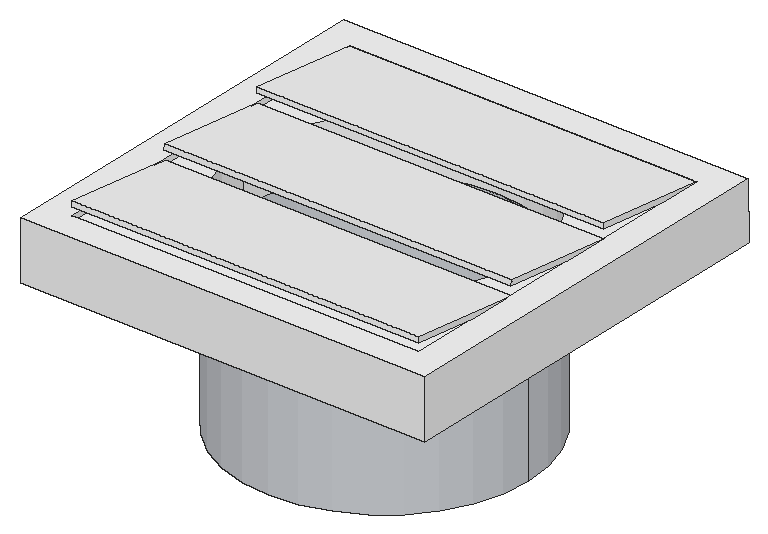
Revit family "71984001-51791101", category Air Terminals, host Face, Revit 2023
Family settings
  Host = Face
  Round Connector Dimension = Use Diameter
  Part Type = Normal
  Cut with Voids When Loaded = No
  Shared = No
  Room Calculation Point = No
Parameters (values of type "154 x 154 x 100mm Dia - Beige")
  WorkExecutionLevel = "N/A"
  WeeklyMaintenance = "N/A"
  WarrantyStartDate [instance] = "N/A"
  WarrantyPeriod = "2"
  WarrantyIdentifier = "N/A"
  WarrantyGuarantorParts = "info@airflow.com"
  WarrantyGuarantorLabor = "info@airflow.com"
  WarrantyGuarantor = "Airflow Developments Ltd"
  WarrantyEndDate [instance] = "N/A"
  WarrantyContent = "Replacement of part if faulty"
  Uniclass2015 = "Pr_65_70_46_01"
  TotalSurfaceArea [instance] = 0.0196 m²
  TagNumber [instance] = "N/A"
  Status [instance] = "New"
  Square_External_Grille_GravityFlap = CADS_AirFlow_White
  Size = "48 x 140 x 140"
  ShippingWeight = 0.0144 kg
  Shape = "Rectangular"
  ServiceLifeType = "EXPECTEDSERVICELIFE"
  ServiceLifeDuration = "10"
  SerialNumber [instance] = "N/A"
  ReplacementCost = "7.944"
  QuarterlyMaintenance = "N/A"
  QualityOfComponents = "N/A"
  ProductionYear = "2017"
  ProductLiterature = "N/A"
  PointOfContact = "Airflow Developments Ltd"
  Perimeter [instance] = 560 mm
  OutdoorEnviornment = "N/A"
  OperationAndMaintenanceManual = "N/A"
  NumberOfSlots = 3
  NominalWidth = 140 mm
  NominalLength = 48 mm
  NominalHeight = 140 mm
  NBSCode = "90-75-50/370 Air terminals;"
  MountingType = "SURFACE"
  MonthlyMaintenance = "N/A"
  ModelReference = "90002006"
  ModelLabel = "154 x 154 x 100mm dia. Gravity Flap (Beige)"
  MeanTimeBetweenFailure = "N/A"
  Material = "Plastic"
  ManufacturerWebsite = "www.airflow.com"
  ManufacturerTelephone = "01494 525252"
  ManufacturerE-Mail = "info@airflow.com"
  ManufacturerAddress = "Aidelle House\nLancaster Road\nCressex Business Park\nHigh Wycombe\nBucks\nHP123QP"
  Manufacturer = "Airflow Developments Ltd"
  MaintenanceRequired8001to12000hrs = "N/A"
  MaintenanceRequired601to1000hrs = "N/A"
  MaintenanceRequired4001to8000hrs = "N/A"
  MaintenanceRequired301to600hrs = "N/A"
  MaintenanceRequired2001to4000hrs = "N/A"
  MaintenanceRequired1001to2000hrs = "N/A"
  MaintenanceRequired0to300hrs = "N/A"
  MaintenanceLevel = "N/A"
  IsExtendedWarranty = no
  IndoorEnviornment = "N/A"
  InUseConditions = "N/A"
  ISO90001 = yes
  ISO140001 = yes
  HasThermalInsulation = no
  HasSoundAttenuator = no
  HasIntegralControl = no
  GrossWeight = 0.012 kg
  Gravity_Flap [instance] = yes
  Grade = "Virgin"
  GlobalTradeItemNumber = "N/A"
  GF = 10.00°
  FlowControlType = "DAMPER"
  Flow [instance] = 0.0 L/s
  Features [instance] = "154 x 154 x 100mm dia. Gravity Flap (Beige)"
  FaceType = "LOUVERED"
  Exclusions = "Incorrect Use / Incorrect Installation / Installed by a non-accredited electrician. Customer abuse."
  Dv = D - 2 mm  # 98 mm
  DurationUnit = "Years"
  DesignLevel = "N/A"
  Description = "154 x 154 x 100mm dia. Gravity Flap (Beige)"
  Default Elevation = 1219.2 mm
  DailyMaintenance = "N/A"
  D = 100 mm
  Constituents = "White"
  Color = "White"
  CodePerformance = "N/A"
  CEApproval = yes
  BespokeTimeFrameMaintenance = "N/A"
  B = 20 mm
  AssetType = "Fixed"
  AssetIdentifier [instance] = "N/A"
  AssemblyPlace = "N/A"
  AnnualMaintenance = "N/A"
  AirflowRateRange = "0-61"
  AccessibilityPerformance = "N/A"
  A = 140 mm
  6MonthlyMaintenance = "Visually inspect system, clean the fan and ducting if necessary"
Types (8, lengths in mm): name | TotalSurfaceArea | Size | ShippingWeight | ReplacementCost | Perimeter | NominalWidth | NominalLength | NominalHeight | ModelReference | ModelLabel | GrossWeight | Features | Dv | Description | D | Constituents | Color | A
  (no name) | 0.0196 m² | "48 x 140 x 140" | 0.0144 kg | "7.944" | 560 | 140 | 48 | 140 | "90002006" | "154 x 154 x 100mm dia. Gravity Flap (Beige)" | 0.012 kg | "154 x 154 x 100mm dia. Gravity Flap (Beige)" | 98 | "154 x 154 x 100mm dia. Gravity Flap (Beige)" | 100 | "White" | "White" | 140
  140 x 140 x 100mm Dia - White | 0.0196 m² | "48 x 140 x 140" | 0.0144 kg | "7.944" | 560 | 140 | 48 | 140 | "51791101" | "140 x 140 x 100mm dia. Gravity Flap (White)" | 0.012 kg | "140 x 140 x 100mm dia. Gravity Flap (White)" | 98 | "140 x 140 x 100mm dia. Gravity Flap (White)" | 100 | "White" | "White" | 140
  160 x 160 x 125mm Dia - White | 0.0256 m² | "39 x 160 x 160" | 0.018 kg | "11.124" | 640 | 160 | 39 | 160 | "9041468" | "160 x 160 x 125mm dia. Gravity Flap (White)" | 0.015 kg | "160 x 160 x 125mm dia. Gravity Flap (White)" | 123 | "160 x 160 x 125mm dia. Gravity Flap (White)" | 125 | "White" | "White" | 160
  180 x 180 x 150mm Dia - White | 0.0324 m² | "65 x 180 x 180" | 0.0204 kg | "14.268" | 720 | 180 | 65 | 180 | "71984001" | "180 x 180 x 150mm dia. Gravity Flap (White)" | 0.017 kg | "180 x 180 x 150mm dia. Gravity Flap (White)" | 148 | "180 x 180 x 150mm dia. Gravity Flap (White)" | 150 | "White" | "White" | 180
  187 x 187 x 150mm Dia - Brown | 0.0324 m² | "65 x 180 x 180" | 0.0204 kg | "14.268" | 720 | 180 | 65 | 180 | "90002003" | "187 x 187 x 150mm dia. Gravity Flap (Brown)" | 0.017 kg | "187 x 187 x 150mm dia. Gravity Flap (Brown)" | 148 | "187 x 187 x 150mm dia. Gravity Flap (Brown)" | 150 | "Brown" | "Brown" | 180
  154 x 154 x 100mm Dia - Black | 0.02 m² | "48 x 140 x 140" | 0.014 kg | "7.944" | 720 | 140 | 48 | 140 | "90002004" | "154 x 154 x 100mm dia. Gravity Flap (Black)" | 0.012 kg | "154 x 154 x 100mm dia. Gravity Flap (Black)" | 98 | "154 x 154 x 100mm dia. Gravity Flap (Black)" | 100 | "Black" | "Black" | 140
  154 x 154 x 100mm Dia - Brown | 0.0196 m² | "48 x 140 x 140" | 0.0144 kg | "7.944" | 560 | 140 | 48 | 140 | "90002005" | "154 x 154 x 100mm dia. Gravity Flap (Brown)" | 0.012 kg | "154 x 154 x 100mm dia. Gravity Flap (Brown)" | 98 | "154 x 154 x 100mm dia. Gravity Flap (Brown)" | 100 | "White" | "White" | 140
  154 x 154 x 100mm Dia - Beige | 0.0196 m² | "48 x 140 x 140" | 0.0144 kg | "7.944" | 560 | 140 | 48 | 140 | "90002006" | "154 x 154 x 100mm dia. Gravity Flap (Beige)" | 0.012 kg | "154 x 154 x 100mm dia. Gravity Flap (Beige)" | 98 | "154 x 154 x 100mm dia. Gravity Flap (Beige)" | 100 | "White" | "White" | 140
Reference planes
  plane 1 "Center (Front/Back)": y = 0
  plane 2: z = 0
  plane 3 "Center (Left/Right)": x = 0
  plane 4: x = -70
  plane 5: x = 70
  plane 6: y = 70
  plane 7: y = -70
  plane 8: z = 20
  plane 9: z = 18
  plane 10: z = -50
  plane 11: x = -60
  plane 12: x = 60
  plane 13: y = 60
  plane 14: y = -60
  plane 15: y = 48
  plane 16: y = 48.5
  plane 17: y = 47.5
  plane 18: y = 36
  plane 19: y = 36.5
  plane 20: y = 35.5
  plane 21: y = 24
  plane 22: y = 24.5
  plane 23: y = 23.5
  plane 24: y = 12
  plane 25: y = 12.5
  plane 26: y = 11.5
  plane 27: y = -12
  plane 28: y = -11.5
  plane 29: y = -12.5
  plane 30: y = -24
  plane 31: y = -23.5
  plane 32: y = -24.5
  plane 33: y = -36
  plane 34: y = -35.5
  plane 35: y = -36.5
  plane 36: y = -48
  plane 37: y = -47.5
  plane 38: y = -48.5
  plane 39: y = 0.5
  plane 40: y = -0.5
  plane 41: x = -1
  plane 42: x = 1
  plane 43: z = 13
  plane 44: y = 20
  plane 45: y = -20
Forms (mm)
  Extrusion 1, solid, material "CADS_AirFlow_White", detail levels medium+fine
    sketch origin (0, 0, 0) x (1, 0, 0) y (0, 1, 0)
      loop
        line (-70, 70) -> (-70, -70) -> (70, -70) -> (70, 70) -> (-70, 70)
    from 0 to 18
  Extrusion 2, solid
    sketch origin (0, 0, 0) x (1, 0, 0) y (0, 1, 0)
      loop
        circle (0, 0) r 50
    from -50 to 0
  Extrusion 3, void, detail levels medium+fine
    sketch origin (0, 0, 0) x (1, 0, 0) y (0, 1, 0)
      loop
        circle (0, 0) r 49
    from -50 to 18
  Extrusion 4, solid, material "CADS_AirFlow_White", detail levels medium+fine
    sketch origin (0, 0, 0) x (1, 0, 0) y (0, 1, 0)
      loop
        line (-70, 70) -> (-70, -70) -> (70, -70) -> (70, 70) -> (-70, 70)
      loop
        line (-60, 60) -> (-60, -60) -> (60, -60) -> (60, 60) -> (-60, 60)
    from 18 to 20
  Extrusion 5, solid, material "CADS_AirFlow_White" <- "Square_External_Grille_GravityFlap", detail levels coarse
    sketch origin (0, 0, 0) x (1, 0, 0) y (0, 1, 0)
      loop
        line (-70, 70) -> (-70, -70) -> (70, -70) -> (70, 70) -> (-70, 70)
    from 0 to 20
  Extrusion 6, solid, material "CADS_AirFlow_White" <- "Square_External_Grille_GravityFlap", visible <- "Gravity_Flap"
    sketch origin (0, 0, 0) x (0, 1, 0) y (0, 0, 1)
      loop
        line (60, 20) -> (20, 24.879) -> (19.777, 23.046) -> (59.777, 18.168) -> (60, 20)
      loop
        line (20, 19.837) -> (-20, 24.716) -> (-20.223, 22.884) -> (19.777, 18.005) -> (20, 19.837)
      loop
        line (-20, 19.675) -> (-60, 24.554) -> (-60.223, 22.721) -> (-20.223, 17.842) -> (-20, 19.675)
    from -60 to 60
Cuts and joins
  Extrusion 3 cuts Extrusion 2
  Extrusion 3 cuts Extrusion 1
  joined: Extrusion 1, Extrusion 4
Lines and regions (mm)
  reference lines
    curve 1: line (0, 60, 20) -> (0, 16.447, 25.312)
    curve 2: line (0, 20, 19.837) -> (0, -24.886, 25.312)
    curve 3: line (0, -20, 19.675) -> (0, -66.219, 25.312)
Dimensions and locks
  equal spacing: plane 4, plane 3 "Center (Left/Right)", plane 5
  equal spacing: plane 6, plane 1 "Center (Front/Back)", plane 7
  "A": plane 4 to plane 5
  "A": plane 6 to plane 7
  "B": plane 8 to level
  locked: plane 8 to plane 9 at 2
  locked: level to plane 10 at 50
  locked: plane 6 to plane 13 at 10
  locked: plane 14 to plane 7 at 10
  locked: plane 12 to plane 5 at 10
  locked: plane 4 to plane 11 at 10
  plane 16 to plane 15 to plane 17 = 0.5 mm locked, 0.5 mm locked
  plane 19 to plane 18 to plane 20 = 0.5 mm locked, 0.5 mm locked
  plane 22 to plane 21 to plane 23 = 0.5 mm locked, 0.5 mm locked
  plane 25 to plane 24 to plane 26 = 0.5 mm locked, 0.5 mm locked
  plane 28 to plane 27 to plane 29 = 0.5 mm locked, 0.5 mm locked
  plane 31 to plane 30 to plane 32 = 0.5 mm locked, 0.5 mm locked
  plane 34 to plane 33 to plane 35 = 0.5 mm locked, 0.5 mm locked
  plane 37 to plane 36 to plane 38 = 0.5 mm locked, 0.5 mm locked
  plane 40 to plane 1 "Center (Front/Back)" to plane 39 = 0.5 mm locked, 0.5 mm locked
  plane 41 to plane 3 "Center (Left/Right)" to plane 42 = 1 mm locked, 1 mm locked
  equal spacing: plane 1 "Center (Front/Back)", plane 27, plane 30, plane 33, plane 36, plane 14
  equal spacing: plane 1 "Center (Front/Back)", plane 24, plane 21, plane 18, plane 15, plane 13
  locked: plane 9 to plane 43 at 5
  equal spacing: plane 13, plane 44, plane 45, plane 14
  "D": diameter of Extrusion 2 sketch curve
  "Dv": diameter of Extrusion 3 sketch curve
  aligned and locked: plane 2 to host face
  aligned and locked: level to host face
  aligned and locked: Extrusion 1 sketch curve to plane 6
  aligned and locked: Extrusion 1 sketch curve to plane 5
  aligned and locked: Extrusion 2 to plane 10
  aligned and locked: level to Extrusion 2
  aligned and locked: Extrusion 1 to level
  aligned and locked: plane 9 to Extrusion 1
  aligned and locked: Extrusion 2 to Extrusion 3
  aligned and locked: plane 9 to Extrusion 3
  aligned and locked: plane 4 to Extrusion 4 sketch curve
  aligned and locked: Extrusion 4 sketch curve to plane 5
  aligned and locked: plane 11 to Extrusion 4 sketch curve
  aligned and locked: plane 14 to Extrusion 4 sketch curve
  aligned and locked: Extrusion 4 to plane 9
  aligned and locked: plane 8 to Extrusion 4
  aligned and locked: Extrusion 5 sketch curve to plane 6
  aligned and locked: plane 7 to Extrusion 5 sketch curve
  aligned and locked: plane 8 to Extrusion 5
  aligned and locked: plane 13 to curve 1
  aligned and locked: Extrusion 6 sketch curve to curve 1
  aligned and locked: Extrusion 6 sketch curve to curve 2
  aligned and locked: Extrusion 6 sketch curve to curve 3
  aligned and locked: Extrusion 6 to plane 11
  aligned and locked: plane 12 to Extrusion 6
  aligned and locked: plane 44 to curve 2
  aligned and locked: plane 45 to curve 3
Automatic sketch dimensions
  host sketch curve to host sketch curve = 2438.4 mm  (x2)
  Extrusion 1 sketch curve to plane 4 = 0 mm
  Extrusion 1 sketch curve to plane 7 = 0 mm
  Extrusion 4 sketch curve to plane 12 = 0 mm
  Extrusion 4 sketch curve to plane 7 = 0 mm
  Extrusion 4 sketch curve to plane 13 = 0 mm
  Extrusion 4 sketch curve to plane 6 = 0 mm
  Extrusion 5 sketch curve to plane 4 = 0 mm
  Extrusion 5 sketch curve to plane 5 = 0 mm
  curve 1 to plane 8 = 0 mm
  curve 2 to plane 32 = 0.386 mm
  plane 7 to curve 3 = 3.781 mm
  curve 1 to plane 44 = 3.553 mm
  curve 2 to plane 8 = 0.163 mm
  curve 3 to plane 8 = 0.325 mm
  plane 8 to curve 2 = 5.312 mm
  plane 8 to curve 3 = 5.312 mm
  plane 8 to curve 1 = 5.312 mm
  Extrusion 6 sketch curve to plane 14 = 0 mm
  Extrusion 6 sketch curve to plane 45 = 0 mm  (x2)
  Extrusion 6 sketch curve to plane 44 = 0 mm  (x2)
  Extrusion 6 sketch curve to plane 8 = 0 mm
  Extrusion 6 sketch curve to plane 14 = 0.223 mm
  Extrusion 6 sketch curve to plane 45 = 0.223 mm
  Extrusion 6 sketch curve to plane 44 = 0.223 mm
  plane 1 "Center (Front/Back)" to Extrusion 2 sketch curve = 0 mm
  Extrusion 2 sketch curve to plane 3 "Center (Left/Right)" = 0 mm
  plane 1 "Center (Front/Back)" to Extrusion 3 sketch curve = 0 mm
  Extrusion 3 sketch curve to plane 3 "Center (Left/Right)" = 0 mm
Connectors
  hvac at (0, 0, 0), driven by "D", driven by "Flow"
    settings: on cut or joined group of Extrusion 2, Extrusion 3, index 1, duct flow 0.0 L/s, flow factor 0, pres drop 0.0 Pa, loss coef 0, conn angle 0.00°, conn width 304.8 mm, conn height 304.8 mm, conn diameter 100 mm, duct sys type 4, conn prof type 0, flow config 0, flow direction 2, loss method 0, conn ref index -1, conn util no, is conn primary yes, conn desc ""
